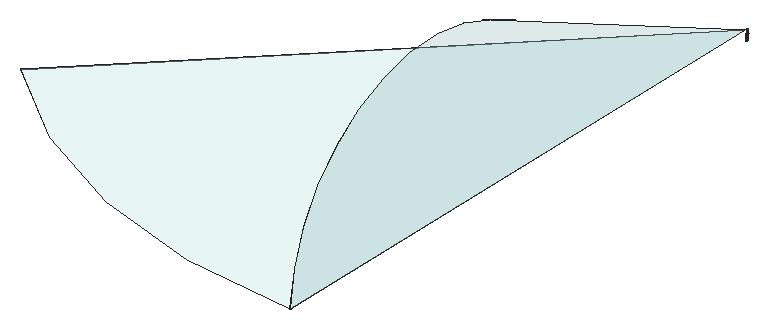
Revit family "Rotor 5000 Series - 5004+PCSAMRNP", category Acessórios do tubo, Revit 2020
Family settings
  Cota do conector redondo = Utilizar diâmetro
  Tipo de parte = Normal
  Número OmniClass = 23.60.30.11.14
  Título OmniClass = Pipework Fittings
  Com base no plano de trabalho = Não
  Sempre na vertical = Sim
  Corte com vazios quando carregada = Não
  Compartilhado = Não
Parameters (values of type "Rain Curtain 6.0")
  Water = Water
  URL = "https://www.rainbird.com/"
  TABLE 65 = "TABLE 65psi"
  TABLE 55 75 = "TABLE 55 75psi"
  TABLE 55 = "TABLE 55psi"
  TABLE 45 = "TABLE 45psi"
  TABLE 35 = "TABLE 35psi"
  TABLE 25 = "TABLE 25psi"
  SupportProjetos: Reviw Date = ""  # constant formula
  SupportProjetos: Reviw = "R00"  # constant formula
  SupportProjetos: Level of Detail = "LOD 300"  # constant formula
  SupportProjetos: Developed = "MICHEL SOARES MOTA"  # constant formula
  SupportProjetos: Creation Date = "07/08/2020"  # constant formula
  Side inlet = no
  Rotation Water Visibility [instance] = Pop up on  # yes
  Rotation Angle [instance] = 45.00°
  RainBird: Product Link = "https://www.rainbird.com/"
  RainBird: Description = "5004+PC-SAM-R-NP Rotor "  # constant formula
  RainBird: Comment [instance] = ""
  RainBird: Code = "Y65670NP"  # constant formula
  Radius [instance] = if(and(Pressure = 25.0 psi, Instance < 25 ft), size_lookup(TABLE 25, "Radius", 0 ft, Instance), if(and(Pressure = 35.0 psi, Instance < 25 ft), size_lookup(TABLE 35, "Radius", 0 ft, Instance), if(and(Pressure = 45.0 psi, Instance < 25 ft), size_lookup(TABLE 45, "Radius", 0 ft, Instance), if(and(Pressure = 55.0 psi, Instance < 13 ft), size_lookup(TABLE 55, "Radius", 0 ft, Instance), if(and(Pressure = 65.0 psi, Instance < 13 ft), size_lookup(TABLE 65, "Radius", 0 ft, Instance), if(and(Pressure > 55.0 psi, Instance > 13 ft), size_lookup(TABLE 55 75, "Radius", 0 ft, Instance), 0 ft))))))  # 50 ft
  RT = 0.009893 ft
  RN = 0.032808 ft
  R5 = 0.03937 ft
  R4 = 0.04101 ft
  R3 = 0.065617 ft
  R2 = 0.075407 ft
  R1 = 0.032808 ft
  Pressure [instance] = 55.0 psi
  Pop up height = 0.334646 ft
  Pop up on [instance] = yes
  Modelo = "5004+PCSAMRNP"  # constant formula
  Instance = 7 ft
  H1 = Body height / 3  # 0.194663 ft
  Flow [instance] = if(and(Pressure = 25.0 psi, Instance < 25 ft), size_lookup(TABLE 25, "Flow", 0.0 GPM, Instance), if(and(Pressure = 35.0 psi, Instance < 25 ft), size_lookup(TABLE 35, "Flow", 0.0 GPM, Instance), if(and(Pressure = 45.0 psi, Instance < 25 ft), size_lookup(TABLE 45, "Flow", 0.0 GPM, Instance), if(and(Pressure = 55.0 psi, Instance < 13 ft), size_lookup(TABLE 55, "Flow", 0.0 GPM, Instance), if(and(Pressure = 65.0 psi, Instance < 13 ft), size_lookup(TABLE 65, "Flow", 0.0 GPM, Instance), if(and(Pressure > 55.0 psi, Instance > 13 ft), size_lookup(TABLE 55 75, "Flow", 0.0 GPM, Instance), 0.0 GPM))))))  # 6.63 GPM
  Fabricante = "Rain Bird"
  Elevação padrão = 0 ft
  Description = RainBird: Description  # "5004+PC-SAM-R-NP Rotor "
  DD13 = 0.002625 ft
  DD12 = 0.003937 ft
  DD11 = 0.009897 ft
  DD10 = 0.016404 ft
  DD8 [instance] = if(Pop up on, Pop up height, 0 ft)  # 0.334646 ft
  DD7 = 0.019685 ft
  DD6 [instance] = 0.016404 ft
  DD5 = 0.065617 ft
  DD4 = 0.032808 ft
  DD3 = 0.091048 ft
  DD2 [instance] = 0.024514 ft
  DD9 [instance] = if(Pop up on, Pop up height + 0.049541 ft, 0 ft)  # 0.384186 ft
  DD1 = 0.006562 ft
  Conection = 0.062664 ft  # constant formula
  Body height = 0.58399 ft
  Blue = Blue Plastic
  Black Plastic = Black Plastic
  Angle = 25.00°
Types (25, lengths in ft): name | Rotation Angle | Radius | Pressure | Instance | Flow
  (no name) | 45.00° | 50 | 55.0 psi | 7 | 6.63 GPM
  Rain Curtain 1.5 | 180.00° | 33 | 25.0 psi | 1 | 1.12 GPM
  Rain Curtain 2.0 | 180.00° | 35 | 25.0 psi | 2 | 1.5 GPM
  Rain Curtain 3.0 | 180.00° | 36 | 25.0 psi | 4 | 2.26 GPM
  Rain Curtain 4.0 | 180.00° | 36 | 25.0 psi | 5 | 2.91 GPM
  Rain Curtain 5.0 | 180.00° | 37 | 25.0 psi | 6 | 3.72 GPM
  Rain Curtain 6.0 | 45.00° | 50 | 55.0 psi | 7 | 6.63 GPM
  Rain Curtain 8.0 | 180.00° | 33 | 25.0 psi | 8 | 5.9 GPM
  Rain Curtain 2.5 | 180.00° | 35 | 25.0 psi | 3 | 1.81 GPM
  1.0 LA | 180.00° | 25 | 25.0 psi | 9 | 0.76 GPM
  1.5 LA | 180.00° | 27 | 25.0 psi | 10 | 1.15 GPM
  2.0 LA | 180.00° | 29 | 25.0 psi | 11 | 1.47 GPM
  3.0 LA | 180.00° | 29 | 25.0 psi | 12 | 2.23 GPM
  PRS Rain Curtain 1.5 | 180.00° | 33 | 25.0 psi | 13 | 1.12 GPM
  PRS Rain Curtain 2.0 | 180.00° | 35 | 25.0 psi | 14 | 1.5 GPM
  PRS Rain Curtain 2.5 | 180.00° | 35 | 25.0 psi | 15 | 1.81 GPM
  PRS Rain Curtain 3.0 | 180.00° | 36 | 25.0 psi | 16 | 2.26 GPM
  PRS Rain Curtain 4.0 | 180.00° | 36 | 25.0 psi | 17 | 2.91 GPM
  PRS Rain Curtain 5.0 | 180.00° | 37 | 25.0 psi | 18 | 3.72 GPM
  PRS Rain Curtain 6.0 | 180.00° | 37 | 25.0 psi | 19 | 4.25 GPM
  PRS Rain Curtain 8.0 | 180.00° | 33 | 25.0 psi | 20 | 5.9 GPM
  PRS 1.0 LA | 180.00° | 25 | 25.0 psi | 21 | 0.76 GPM
  PRS 1.5 LA | 180.00° | 27 | 25.0 psi | 22 | 1.15 GPM
  PRS 2.0 LA | 180.00° | 29 | 25.0 psi | 23 | 1.47 GPM
  PRS 3.0 LA | 180.00° | 29 | 25.0 psi | 24 | 2.23 GPM
Reference planes (ft)
  plane 1 "Centro (Frente/Trás)": y = 0
  plane 2: z = 0
  plane 3 "Centro (Esquerda/Direita)": x = 0
  plane 4: z = 0.003937
  plane 5: z = 0.002625
  plane 6: y = -0.065617
Forms (ft)
  Revolve 1, solid, material "Black Plastic" <- "Black Plastic"
    sketch origin (0, 0, 0) x (1, 0, 0) y (0, 0, 1)
      loop
        line (0.075407, -0.091048) -> (0.075407, -0.035324)
        arc (0.075407, -0.035324) -> (0.072509, -0.028329) -> (0.065514, -0.025431) r 0.009893
        line (0.065514, -0.025431) -> (0.046098, -0.025431) -> (0.046098, 0) -> (0.03937, 0) -> (0.03937, -0.334646) -> (0.019685, -0.334646) -> (0.019685, -0.577428) -> (0.032808, -0.577428) -> (0.032808, -0.58399) -> (0.04101, -0.58399) -> (0.04101, -0.577428) -> (0.055724, -0.577428)
        arc (0.055724, -0.577428) -> (0.062719, -0.57453) -> (0.065617, -0.567535) r 0.009893
        line (0.065617, -0.567535) -> (0.065617, -0.091048) -> (0.075407, -0.091048)
      axis (0, -0.58399) -> (0, 0)
    angle from 0 to 360
  Extrusion 2, solid, material "Black Plastic" <- "Black Plastic"
    sketch origin (0, 0, 0) x (1, 0, 0) y (0, 1, 0)
      loop
        circle (0, 0) r 0.032808
    from -0.334646 to 0.334646
  Extrusion 3, void
    sketch origin (0, 0, 0) x (1, 0, 0) y (0, 1, 0)
      loop
        circle (0, 0) r 0.022844
    from -0.334646 to 0.334646
  Revolve 4, solid, material "Black Plastic" <- "Black Plastic"
    sketch origin (0, 0, 0) x (1, 0, 0) y (0, 0, 1)
      loop
        line (0, 0.334646) -> (0.037004, 0.334646) -> (0.037004, 0.344543)
        arc (0.037004, 0.344543) -> (0.01879, 0.349436) -> (0, 0.35105) r 0.10685
        line (0, 0.35105) -> (0, 0.334646)
      axis (0, 0.334646) -> (0, 0.35105)
    angle from 0 to 360
  Extrusion 5, solid, material "Blue Plastic" <- "Blue"
    sketch origin (0, 0, 0) x (1, 0, 0) y (0, 0, 1)
      loop
        circle (0, 0.310131) r 0.009129
      loop
        circle (0, 0.310131) r 0.004793
    from 0 to 0.034386
  Extrusion 6, void
    sketch origin (0, 0, 0) x (1, 0, 0) y (0, 0, 1)
      loop
        line (-0.02074, 0.328055) -> (-0.02074, 0.282426) -> (0.020672, 0.282426) -> (0.020672, 0.328055) -> (-0.02074, 0.328055)
      loop
        line (-0.018439, 0.325179) -> (-0.018439, 0.285685) -> (0.018179, 0.285685) -> (0.018179, 0.325179) -> (-0.018439, 0.325179)
    from 0.024556 to 0.06931
  Extrusion 7, solid, material "Black Plastic" <- "Black Plastic"
    sketch origin (0, 0, 0) x (1, 0, 0) y (0, 0, 1)
      loop
        line (0.046098, 0) -> (0.046098, -0.036876) -> (0.073493, -0.036876) -> (0.046098, 0)
    from -0.002998 to 0.002998
  Extrusion 8, solid, material "Black Plastic" <- "Black Plastic"
    sketch origin (0, 0, 0) x (-1, 0, 0) y (0, 0, -1)
      loop
        line (0.046098, 0) -> (0.073493, 0.036876) -> (0.046098, 0.036876) -> (0.046098, 0)
    from -0.002998 to 0.002998
  Extrusion 9, solid, material "Black Plastic" <- "Black Plastic"
    sketch origin (0, 0, 0) x (0.866025, 0.5, 0) y (0, 0, 1)
      loop
        line (0.046098, 0) -> (0.046098, -0.036876) -> (0.073493, -0.036876) -> (0.046098, 0)
    from -0.002998 to 0.002998
  Extrusion 10, solid, material "Black Plastic" <- "Black Plastic"
    sketch origin (0, 0, 0) x (-0.866025, -0.5, 0) y (0, 0, -1)
      loop
        line (0.046098, 0) -> (0.073493, 0.036876) -> (0.046098, 0.036876) -> (0.046098, 0)
    from -0.002998 to 0.002998
  Extrusion 11, solid, material "Black Plastic" <- "Black Plastic"
    sketch origin (0, 0, 0) x (0, 1, 0) y (0, 0, 1)
      loop
        line (0.046098, 0) -> (0.046098, -0.036876) -> (0.073493, -0.036876) -> (0.046098, 0)
    from -0.002998 to 0.002998
  Extrusion 12, solid, material "Black Plastic" <- "Black Plastic"
    sketch origin (0, 0, 0) x (0, -1, 0) y (0, 0, -1)
      loop
        line (0.046098, 0) -> (0.073493, 0.036876) -> (0.046098, 0.036876) -> (0.046098, 0)
    from -0.002998 to 0.002998
  Extrusion 13, solid, material "Black Plastic" <- "Black Plastic"
    sketch origin (0, 0, 0) x (0.5, 0.866025, 0) y (0, 0, 1)
      loop
        line (0.046098, 0) -> (0.046098, -0.036876) -> (0.073493, -0.036876) -> (0.046098, 0)
    from -0.002998 to 0.002998
  Extrusion 14, solid, material "Black Plastic" <- "Black Plastic"
    sketch origin (0, 0, 0) x (-0.5, -0.866025, 0) y (0, 0, -1)
      loop
        line (0.046098, 0) -> (0.073493, 0.036876) -> (0.046098, 0.036876) -> (0.046098, 0)
    from -0.002998 to 0.002998
  Extrusion 15, solid, material "Black Plastic" <- "Black Plastic"
    sketch origin (0, 0, 0) x (-0.5, 0.866025, 0) y (0, 0, 1)
      loop
        line (0.046098, 0) -> (0.046098, -0.036876) -> (0.073493, -0.036876) -> (0.046098, 0)
    from -0.002998 to 0.002998
  Extrusion 16, solid, material "Black Plastic" <- "Black Plastic"
    sketch origin (0, 0, 0) x (0.5, -0.866025, 0) y (0, 0, -1)
      loop
        line (0.046098, 0) -> (0.073493, 0.036876) -> (0.046098, 0.036876) -> (0.046098, 0)
    from -0.002998 to 0.002998
  Extrusion 17, solid, material "Black Plastic" <- "Black Plastic"
    sketch origin (0, 0, 0) x (-0.866025, 0.5, 0) y (0, 0, 1)
      loop
        line (0.046098, 0) -> (0.046098, -0.036876) -> (0.073493, -0.036876) -> (0.046098, 0)
    from -0.002998 to 0.002998
  Extrusion 18, solid, material "Black Plastic" <- "Black Plastic"
    sketch origin (0, 0, 0) x (0.866025, -0.5, 0) y (0, 0, -1)
      loop
        line (0.046098, 0) -> (0.073493, 0.036876) -> (0.046098, 0.036876) -> (0.046098, 0)
    from -0.002998 to 0.002998
  Extrusion 19, void
    sketch origin (0, 0, 0) x (1, 0, 0) y (0, 1, 0)
      loop
        line (-0.002998, 0.077702) -> (-0.002998, 0.071655) -> (0.002998, 0.071655) -> (0.002998, 0.077702) -> (-0.002998, 0.077702)
    from -0.091048 to 0.82021
  Extrusion 20, void
    sketch origin (0, 0, 0) x (1, 0, 0) y (0, 1, 0)
      loop
        line (0.002998, -0.077702) -> (0.002998, -0.071655) -> (-0.002998, -0.071655) -> (-0.002998, -0.077702) -> (0.002998, -0.077702)
    from -0.091048 to 0.82021
  Extrusion 21, void
    sketch origin (0, 0, 0) x (0.965926, 0.258819, 0) y (-0.258819, 0.965926, 0)
      loop
        line (-0.002998, 0.077702) -> (-0.002998, 0.071655) -> (0.002998, 0.071655) -> (0.002998, 0.077702) -> (-0.002998, 0.077702)
    from -0.091048 to 0.82021
  Extrusion 22, void
    sketch origin (0, 0, 0) x (0.965926, 0.258819, 0) y (-0.258819, 0.965926, 0)
      loop
        line (0.002998, -0.077702) -> (0.002998, -0.071655) -> (-0.002998, -0.071655) -> (-0.002998, -0.077702) -> (0.002998, -0.077702)
    from -0.091048 to 0.82021
  Extrusion 23, void
    sketch origin (0, 0, 0) x (0.866025, 0.5, 0) y (-0.5, 0.866025, 0)
      loop
        line (-0.002998, 0.077702) -> (-0.002998, 0.071655) -> (0.002998, 0.071655) -> (0.002998, 0.077702) -> (-0.002998, 0.077702)
    from -0.091048 to 0.82021
  Extrusion 24, void
    sketch origin (0, 0, 0) x (0.866025, 0.5, 0) y (-0.5, 0.866025, 0)
      loop
        line (0.002998, -0.077702) -> (0.002998, -0.071655) -> (-0.002998, -0.071655) -> (-0.002998, -0.077702) -> (0.002998, -0.077702)
    from -0.091048 to 0.82021
  Extrusion 25, void
    sketch origin (0, 0, 0) x (0.5, 0.866025, 0) y (-0.866025, 0.5, 0)
      loop
        line (-0.002998, 0.077702) -> (-0.002998, 0.071655) -> (0.002998, 0.071655) -> (0.002998, 0.077702) -> (-0.002998, 0.077702)
    from -0.091048 to 0.82021
  Extrusion 26, void
    sketch origin (0, 0, 0) x (0.5, 0.866025, 0) y (-0.866025, 0.5, 0)
      loop
        line (0.002998, -0.077702) -> (0.002998, -0.071655) -> (-0.002998, -0.071655) -> (-0.002998, -0.077702) -> (0.002998, -0.077702)
    from -0.091048 to 0.82021
  Extrusion 27, void
    sketch origin (0, 0, 0) x (0.707107, 0.707107, 0) y (-0.707107, 0.707107, 0)
      loop
        line (-0.002998, 0.077702) -> (-0.002998, 0.071655) -> (0.002998, 0.071655) -> (0.002998, 0.077702) -> (-0.002998, 0.077702)
    from -0.091048 to 0.82021
  Extrusion 28, void
    sketch origin (0, 0, 0) x (0.707107, 0.707107, 0) y (-0.707107, 0.707107, 0)
      loop
        line (0.002998, -0.077702) -> (0.002998, -0.071655) -> (-0.002998, -0.071655) -> (-0.002998, -0.077702) -> (0.002998, -0.077702)
    from -0.091048 to 0.82021
  Extrusion 29, void
    sketch origin (0, 0, 0) x (0.258819, 0.965926, 0) y (-0.965926, 0.258819, 0)
      loop
        line (-0.002998, 0.077702) -> (-0.002998, 0.071655) -> (0.002998, 0.071655) -> (0.002998, 0.077702) -> (-0.002998, 0.077702)
    from -0.091048 to 0.82021
  Extrusion 30, void
    sketch origin (0, 0, 0) x (0.258819, 0.965926, 0) y (-0.965926, 0.258819, 0)
      loop
        line (0.002998, -0.077702) -> (0.002998, -0.071655) -> (-0.002998, -0.071655) -> (-0.002998, -0.077702) -> (0.002998, -0.077702)
    from -0.091048 to 0.82021
  Extrusion 31, void
    sketch origin (0, 0, 0) x (0, 1, 0) y (-1, 0, 0)
      loop
        line (-0.002998, 0.077702) -> (-0.002998, 0.071655) -> (0.002998, 0.071655) -> (0.002998, 0.077702) -> (-0.002998, 0.077702)
    from -0.091048 to 0.82021
  Extrusion 32, void
    sketch origin (0, 0, 0) x (0, 1, 0) y (-1, 0, 0)
      loop
        line (0.002998, -0.077702) -> (0.002998, -0.071655) -> (-0.002998, -0.071655) -> (-0.002998, -0.077702) -> (0.002998, -0.077702)
    from -0.091048 to 0.82021
  Extrusion 33, void
    sketch origin (0, 0, 0) x (-0.258819, 0.965926, 0) y (-0.965926, -0.258819, 0)
      loop
        line (-0.002998, 0.077702) -> (-0.002998, 0.071655) -> (0.002998, 0.071655) -> (0.002998, 0.077702) -> (-0.002998, 0.077702)
    from -0.091048 to 0.82021
  Extrusion 34, void
    sketch origin (0, 0, 0) x (-0.258819, 0.965926, 0) y (-0.965926, -0.258819, 0)
      loop
        line (0.002998, -0.077702) -> (0.002998, -0.071655) -> (-0.002998, -0.071655) -> (-0.002998, -0.077702) -> (0.002998, -0.077702)
    from -0.091048 to 0.82021
  Extrusion 35, void
    sketch origin (0, 0, 0) x (-0.5, 0.866025, 0) y (-0.866025, -0.5, 0)
      loop
        line (-0.002998, 0.077702) -> (-0.002998, 0.071655) -> (0.002998, 0.071655) -> (0.002998, 0.077702) -> (-0.002998, 0.077702)
    from -0.091048 to 0.82021
  Extrusion 36, void
    sketch origin (0, 0, 0) x (-0.5, 0.866025, 0) y (-0.866025, -0.5, 0)
      loop
        line (0.002998, -0.077702) -> (0.002998, -0.071655) -> (-0.002998, -0.071655) -> (-0.002998, -0.077702) -> (0.002998, -0.077702)
    from -0.091048 to 0.82021
  Extrusion 37, void
    sketch origin (0, 0, 0) x (-0.707107, 0.707107, 0) y (-0.707107, -0.707107, 0)
      loop
        line (-0.002998, 0.077702) -> (-0.002998, 0.071655) -> (0.002998, 0.071655) -> (0.002998, 0.077702) -> (-0.002998, 0.077702)
    from -0.091048 to 0.82021
  Extrusion 38, void
    sketch origin (0, 0, 0) x (-0.707107, 0.707107, 0) y (-0.707107, -0.707107, 0)
      loop
        line (0.002998, -0.077702) -> (0.002998, -0.071655) -> (-0.002998, -0.071655) -> (-0.002998, -0.077702) -> (0.002998, -0.077702)
    from -0.091048 to 0.82021
  Extrusion 39, void
    sketch origin (0, 0, 0) x (-0.866025, 0.5, 0) y (-0.5, -0.866025, 0)
      loop
        line (-0.002998, 0.077702) -> (-0.002998, 0.071655) -> (0.002998, 0.071655) -> (0.002998, 0.077702) -> (-0.002998, 0.077702)
    from -0.091048 to 0.82021
  Extrusion 40, void
    sketch origin (0, 0, 0) x (-0.866025, 0.5, 0) y (-0.5, -0.866025, 0)
      loop
        line (0.002998, -0.077702) -> (0.002998, -0.071655) -> (-0.002998, -0.071655) -> (-0.002998, -0.077702) -> (0.002998, -0.077702)
    from -0.091048 to 0.82021
  Extrusion 41, void
    sketch origin (0, 0, 0) x (-0.965926, 0.258819, 0) y (-0.258819, -0.965926, 0)
      loop
        line (-0.002998, 0.077702) -> (-0.002998, 0.071655) -> (0.002998, 0.071655) -> (0.002998, 0.077702) -> (-0.002998, 0.077702)
    from -0.091048 to 0.82021
  Extrusion 42, void
    sketch origin (0, 0, 0) x (-0.965926, 0.258819, 0) y (-0.258819, -0.965926, 0)
      loop
        line (0.002998, -0.077702) -> (0.002998, -0.071655) -> (-0.002998, -0.071655) -> (-0.002998, -0.077702) -> (0.002998, -0.077702)
    from -0.091048 to 0.82021
  Extrusion 43, solid, material "Water" <- "Water", visible <- "Rotation Water Visibility"
    sketch origin (0, 0, 0) x (0, 1, 0) y (0, 0, 1)
      loop
        line (-0.032808, 0.310131) -> (-28.112196, 13.403765)
        arc (-28.112196, 13.403765) -> (-42.542576, 12.666347) -> (-50.032808, 0.310131) r 15.426605
        line (-50.032808, 0.310131) -> (-0.032808, 0.310131)
    from -0.008202 to 0.008202
Cuts and joins
  Extrusion 3, Extrusion 6 cuts Extrusion 2
  Extrusion 19, Extrusion 20, Extrusion 21, Extrusion 22, Extrusion 23, Extrusion 24, Extrusion 25, Extrusion 26, Extrusion 27, Extrusion 28, Extrusion 29, Extrusion 30, Extrusion 31, Extrusion 32, Extrusion 33, Extrusion 34, Extrusion 35, Extrusion 36, Extrusion 37, Extrusion 38, Extrusion 39, Extrusion 40, Extrusion 41, Extrusion 42 cuts Revolve 1
Dimensions and locks (ft)
  "Body height": level to Revolve 1 sketch curve
  "R2": Revolve 1 sketch curve to plane 3 "Centro (Esquerda/Direita)"
  "DD1": Revolve 1 sketch curve to Revolve 1 sketch curve
  "DD3": level to Revolve 1 sketch curve
  Revolve 1 sketch curve to plane 3 "Centro (Esquerda/Direita)" = 0.065617 ft
  "R4": Revolve 1 sketch curve to plane 3 "Centro (Esquerda/Direita)"
  "RN": Revolve 1 sketch curve to plane 3 "Centro (Esquerda/Direita)"
  "Pop up height": level to Revolve 1 sketch curve
  "R5": plane 3 "Centro (Esquerda/Direita)" to Revolve 1 sketch curve
  "DD7": Revolve 1 sketch curve to plane 3 "Centro (Esquerda/Direita)"
  "DD8": Extrusion 2 to level
  "DD12": plane 4 to level
  "DD13": plane 5 to level
  "R3": plane 6 to plane 1 "Centro (Frente/Trás)"
  "DD5": Revolve 1 sketch curve to Revolve 1 sketch curve
  "DD10": Revolve 4 sketch curve to Revolve 4 sketch curve
  "DD11": Revolve 4 sketch curve to Revolve 4 sketch curve
  "DD2": Revolve 4 to Extrusion 5 sketch curve  (x2)
  Extrusion 7 to plane 3 "Centro (Esquerda/Direita)" = 0.046098 ft
  equal spacing: Extrusion 7, plane 1 "Centro (Frente/Trás)", Extrusion 7
  Extrusion 8 to Extrusion 8 = 0.005995 ft
  Extrusion 9 to Extrusion 9 = 0.005995 ft
  Extrusion 20 sketch curve to Extrusion 20 sketch curve = 0.005995 ft
  Extrusion 22 sketch curve to Extrusion 22 sketch curve = 0.005995 ft
  Extrusion 24 sketch curve to Extrusion 24 sketch curve = 0.005995 ft
  Extrusion 26 sketch curve to Extrusion 26 sketch curve = 0.005995 ft
  Extrusion 28 sketch curve to Extrusion 28 sketch curve = 0.005995 ft
  Extrusion 30 sketch curve to Extrusion 30 sketch curve = 0.005995 ft
  Extrusion 32 sketch curve to Extrusion 32 sketch curve = 0.005995 ft
  Extrusion 34 sketch curve to Extrusion 34 sketch curve = 0.005995 ft
  Extrusion 36 sketch curve to Extrusion 36 sketch curve = 0.005995 ft
  Extrusion 38 sketch curve to Extrusion 38 sketch curve = 0.005995 ft
  Extrusion 40 sketch curve to Extrusion 40 sketch curve = 0.005995 ft
  Extrusion 42 sketch curve to Extrusion 42 sketch curve = 0.005995 ft
  "DD4": plane 1 "Centro (Frente/Trás)" to Extrusion 43 sketch curve
  "DD2": Revolve 4 to Extrusion 43 sketch curve
  "Radius": Extrusion 43 sketch curve to Extrusion 43 sketch curve
  equal spacing: Extrusion 43, plane 3 "Centro (Esquerda/Direita)", Extrusion 43
  "DD6": Extrusion 43 to Extrusion 43
  "DD2": Revolve 4 to nested 1
  "RT": radius of Revolve 1 sketch curve  (x2)
  "R1": radius of Extrusion 2 sketch curve
  "Angle": angle Extrusion 43 sketch curve to Extrusion 43 sketch curve
  aligned and locked: level to plane 2
  aligned and locked: Revolve 1 sketch curve to Revolve 1 sketch curve
  aligned and locked: Extrusion 2 to Revolve 1
  aligned and locked: cut or joined group of Extrusion 2, Extrusion 3, Extrusion 6 to cut or joined group of Extrusion 2, Extrusion 3, Extrusion 6  (x2)
  aligned and locked: Revolve 4 sketch curve to cut or joined group of Extrusion 2, Extrusion 3, Extrusion 6
  aligned and locked: Extrusion 20 to Revolve 1
  aligned and locked: Extrusion 22 to Revolve 1
  aligned and locked: Extrusion 24 to Revolve 1
  aligned and locked: Extrusion 28 to Revolve 1
  aligned and locked: Extrusion 26 to Revolve 1
  aligned and locked: Extrusion 30 to Revolve 1
  aligned and locked: Extrusion 32 to Revolve 1
  aligned and locked: Extrusion 34 to Revolve 1
  aligned and locked: Revolve 1 to Extrusion 36
  aligned and locked: Revolve 1 to Extrusion 38
  aligned and locked: Extrusion 41 to Revolve 1
  aligned and locked: Extrusion 39 to Revolve 1
  aligned and locked: Extrusion 37 to Revolve 1
  aligned and locked: Extrusion 35 to Revolve 1
  aligned and locked: Extrusion 33 to Revolve 1
  aligned and locked: Extrusion 31 to Revolve 1
  aligned and locked: Extrusion 29 to Revolve 1
  aligned and locked: Revolve 1 to Extrusion 25
  aligned and locked: Revolve 1 to Extrusion 27
  aligned and locked: Revolve 1 to Extrusion 19
  aligned and locked: Revolve 1 to Extrusion 21
  aligned and locked: Revolve 1 to Extrusion 42
  aligned and locked: Revolve 1 to Extrusion 40
  aligned and locked: Revolve 1 to Extrusion 23
Automatic sketch dimensions
  plane 1 "Centro (Frente/Trás)" to Extrusion 2 sketch curve = 0 ft
  Extrusion 2 sketch curve to plane 3 "Centro (Esquerda/Direita)" = 0 ft
  plane 1 "Centro (Frente/Trás)" to Extrusion 3 sketch curve = 0 ft
  Extrusion 3 sketch curve to plane 3 "Centro (Esquerda/Direita)" = 0 ft
  Revolve 4 sketch curve to plane 3 "Centro (Esquerda/Direita)" = 0 ft  (x2)
  plane 3 "Centro (Esquerda/Direita)" to Revolve 4 sketch curve = 0.000284 ft
  plane 3 "Centro (Esquerda/Direita)" to Revolve 4 sketch curve = 0.037004 ft
  Revolve 4 sketch curve to Revolve 4 sketch curve = 0.015719 ft
  Revolve 4 sketch curve to Revolve 4 sketch curve = 0.114829 ft
  Extrusion 5 sketch curve to Extrusion 5 sketch curve = 0 ft
  Extrusion 5 sketch curve to plane 3 "Centro (Esquerda/Direita)" = 0 ft
  Extrusion 6 sketch curve to plane 3 "Centro (Esquerda/Direita)" = 0.02074 ft
  Extrusion 6 sketch curve to Extrusion 6 sketch curve = 0.002301 ft
  plane 3 "Centro (Esquerda/Direita)" to Extrusion 6 sketch curve = 0.018179 ft
  Extrusion 6 sketch curve to Extrusion 6 sketch curve = 0.002492 ft
  plane 4 to Extrusion 6 sketch curve = 0.278489 ft
  Extrusion 6 sketch curve to Extrusion 6 sketch curve = 0.003259 ft
  Extrusion 6 sketch curve to Extrusion 6 sketch curve = 0.039494 ft
  Extrusion 6 sketch curve to Extrusion 6 sketch curve = 0.002876 ft
  Extrusion 7 sketch curve to level = 0 ft
  plane 3 "Centro (Esquerda/Direita)" to Extrusion 7 sketch curve = 0.046098 ft
  Extrusion 7 sketch curve to Extrusion 7 sketch curve = 0.027396 ft
  Extrusion 7 sketch curve to Extrusion 7 sketch curve = 0.036876 ft
  Extrusion 8 sketch curve to level = 0 ft
  plane 3 "Centro (Esquerda/Direita)" to Extrusion 8 sketch curve = 0.046098 ft
  Extrusion 8 sketch curve to Extrusion 8 sketch curve = 0.027396 ft
  Extrusion 8 sketch curve to Extrusion 8 sketch curve = 0.036876 ft
  Extrusion 9 sketch curve to level = 0 ft
  Extrusion 9 sketch curve to level = 0.036876 ft
  Extrusion 9 sketch curve to Extrusion 9 sketch curve = 0.027396 ft
  Extrusion 10 sketch curve to level = 0 ft
  Extrusion 10 sketch curve to level = 0.036876 ft
  Extrusion 10 sketch curve to Extrusion 10 sketch curve = 0.027396 ft
  Extrusion 11 sketch curve to level = 0 ft
  Extrusion 11 sketch curve to plane 1 "Centro (Frente/Trás)" = 0.046098 ft
  Extrusion 11 sketch curve to Extrusion 11 sketch curve = 0.027396 ft
  Extrusion 11 sketch curve to Extrusion 11 sketch curve = 0.036876 ft
  Extrusion 12 sketch curve to level = 0 ft
  plane 6 to Extrusion 12 sketch curve = 0.019519 ft
  Extrusion 12 sketch curve to plane 6 = 0.007877 ft
  Extrusion 12 sketch curve to level = 0.036876 ft
  Extrusion 13 sketch curve to level = 0 ft
  Extrusion 13 sketch curve to level = 0.036876 ft
  Extrusion 13 sketch curve to Extrusion 13 sketch curve = 0.027396 ft
  Extrusion 14 sketch curve to level = 0 ft
  Extrusion 14 sketch curve to level = 0.036876 ft
  Extrusion 14 sketch curve to Extrusion 14 sketch curve = 0.027396 ft
  level to Extrusion 15 sketch curve = 0 ft
  Extrusion 15 sketch curve to level = 0.036876 ft
  Extrusion 15 sketch curve to Extrusion 15 sketch curve = 0.027396 ft
  level to Extrusion 16 sketch curve = 0 ft
  Extrusion 16 sketch curve to level = 0.036876 ft
  Extrusion 16 sketch curve to Extrusion 16 sketch curve = 0.027396 ft
  level to Extrusion 17 sketch curve = 0 ft
  Extrusion 17 sketch curve to level = 0.036876 ft
  Extrusion 17 sketch curve to Extrusion 17 sketch curve = 0.027396 ft
  level to Extrusion 18 sketch curve = 0 ft
  Extrusion 18 sketch curve to level = 0.036876 ft
  Extrusion 18 sketch curve to Extrusion 18 sketch curve = 0.027396 ft
  Extrusion 19 sketch curve to plane 3 "Centro (Esquerda/Direita)" = 0.002998 ft
  Extrusion 19 sketch curve to plane 1 "Centro (Frente/Trás)" = 0.071655 ft
  Extrusion 19 sketch curve to Extrusion 19 sketch curve = 0.006047 ft
  plane 3 "Centro (Esquerda/Direita)" to Extrusion 20 sketch curve = 0.002998 ft
  plane 6 to Extrusion 20 sketch curve = 0.006038 ft
  Extrusion 20 sketch curve to Extrusion 20 sketch curve = 0.006047 ft
  plane 3 "Centro (Esquerda/Direita)" to Extrusion 19 sketch curve = 0.002998 ft
  Extrusion 21 sketch curve to plane 3 "Centro (Esquerda/Direita)" = 0.021441 ft
  Extrusion 21 sketch curve to plane 1 "Centro (Frente/Trás)" = 0.068438 ft
  Extrusion 21 sketch curve to Extrusion 21 sketch curve = 0.005995 ft
  Extrusion 21 sketch curve to Extrusion 21 sketch curve = 0.006047 ft
  Extrusion 22 sketch curve to plane 6 = 0.010213 ft
  plane 3 "Centro (Esquerda/Direita)" to Extrusion 22 sketch curve = 0.017215 ft
  Extrusion 22 sketch curve to Extrusion 22 sketch curve = 0.006047 ft
  Extrusion 23 sketch curve to plane 3 "Centro (Esquerda/Direita)" = 0.038424 ft
  Extrusion 23 sketch curve to plane 1 "Centro (Frente/Trás)" = 0.060556 ft
  Extrusion 23 sketch curve to Extrusion 23 sketch curve = 0.005995 ft
  Extrusion 23 sketch curve to Extrusion 23 sketch curve = 0.006047 ft
  Extrusion 24 sketch curve to plane 6 = 0.003174 ft
  plane 3 "Centro (Esquerda/Direita)" to Extrusion 24 sketch curve = 0.036255 ft
  Extrusion 24 sketch curve to Extrusion 24 sketch curve = 0.006047 ft
  Extrusion 25 sketch curve to plane 1 "Centro (Frente/Trás)" = 0.033231 ft
  Extrusion 25 sketch curve to plane 3 "Centro (Esquerda/Direita)" = 0.063554 ft
  Extrusion 25 sketch curve to Extrusion 25 sketch curve = 0.005995 ft
  Extrusion 25 sketch curve to Extrusion 25 sketch curve = 0.006047 ft
  Extrusion 26 sketch curve to plane 6 = 0.02417 ft
  Extrusion 26 sketch curve to plane 3 "Centro (Esquerda/Direita)" = 0.065793 ft
  Extrusion 26 sketch curve to Extrusion 26 sketch curve = 0.006047 ft
  Extrusion 27 sketch curve to plane 1 "Centro (Frente/Trás)" = 0.048548 ft
  Extrusion 27 sketch curve to plane 3 "Centro (Esquerda/Direita)" = 0.052787 ft
  Extrusion 27 sketch curve to Extrusion 27 sketch curve = 0.005995 ft
  Extrusion 27 sketch curve to Extrusion 27 sketch curve = 0.006047 ft
  plane 6 to Extrusion 28 sketch curve = 0.008554 ft
  plane 3 "Centro (Esquerda/Direita)" to Extrusion 28 sketch curve = 0.052824 ft
  Extrusion 28 sketch curve to Extrusion 28 sketch curve = 0.006047 ft
  Extrusion 29 sketch curve to plane 1 "Centro (Frente/Trás)" = 0.01565 ft
  Extrusion 29 sketch curve to plane 3 "Centro (Esquerda/Direita)" = 0.069989 ft
  Extrusion 29 sketch curve to Extrusion 29 sketch curve = 0.005995 ft
  Extrusion 29 sketch curve to Extrusion 29 sketch curve = 0.006047 ft
  plane 1 "Centro (Frente/Trás)" to Extrusion 30 sketch curve = 0.023006 ft
  plane 3 "Centro (Esquerda/Direita)" to Extrusion 30 sketch curve = 0.074278 ft
  Extrusion 30 sketch curve to Extrusion 30 sketch curve = 0.006047 ft
  plane 1 "Centro (Frente/Trás)" to Extrusion 31 sketch curve = 0.002998 ft
  Extrusion 31 sketch curve to plane 1 "Centro (Frente/Trás)" = 0.002998 ft
  Extrusion 31 sketch curve to plane 3 "Centro (Esquerda/Direita)" = 0.071655 ft
  Extrusion 31 sketch curve to Extrusion 31 sketch curve = 0.006047 ft
  plane 1 "Centro (Frente/Trás)" to Extrusion 32 sketch curve = 0.002998 ft
  plane 3 "Centro (Esquerda/Direita)" to Extrusion 32 sketch curve = 0.077702 ft
  Extrusion 32 sketch curve to Extrusion 32 sketch curve = 0.006047 ft
  plane 1 "Centro (Frente/Trás)" to Extrusion 33 sketch curve = 0.021441 ft
  Extrusion 33 sketch curve to plane 3 "Centro (Esquerda/Direita)" = 0.068438 ft
  Extrusion 33 sketch curve to Extrusion 33 sketch curve = 0.005995 ft
  Extrusion 33 sketch curve to Extrusion 33 sketch curve = 0.006047 ft
  Extrusion 34 sketch curve to plane 1 "Centro (Frente/Trás)" = 0.017215 ft
  plane 3 "Centro (Esquerda/Direita)" to Extrusion 34 sketch curve = 0.07583 ft
  Extrusion 34 sketch curve to Extrusion 34 sketch curve = 0.006047 ft
  plane 6 to Extrusion 35 sketch curve = 0.027193 ft
  Extrusion 35 sketch curve to plane 3 "Centro (Esquerda/Direita)" = 0.060556 ft
  Extrusion 35 sketch curve to Extrusion 35 sketch curve = 0.005995 ft
  Extrusion 35 sketch curve to Extrusion 35 sketch curve = 0.006047 ft
  Extrusion 36 sketch curve to plane 1 "Centro (Frente/Trás)" = 0.036255 ft
  plane 3 "Centro (Esquerda/Direita)" to Extrusion 36 sketch curve = 0.068791 ft
  Extrusion 36 sketch curve to Extrusion 36 sketch curve = 0.006047 ft
  plane 6 to Extrusion 37 sketch curve = 0.012829 ft
  Extrusion 37 sketch curve to plane 3 "Centro (Esquerda/Direita)" = 0.048548 ft
  Extrusion 37 sketch curve to Extrusion 37 sketch curve = 0.005995 ft
  Extrusion 37 sketch curve to Extrusion 37 sketch curve = 0.006047 ft
  Extrusion 38 sketch curve to plane 1 "Centro (Frente/Trás)" = 0.052824 ft
  plane 3 "Centro (Esquerda/Direita)" to Extrusion 38 sketch curve = 0.057063 ft
  Extrusion 38 sketch curve to Extrusion 38 sketch curve = 0.006047 ft
  plane 6 to Extrusion 39 sketch curve = 0.002063 ft
  Extrusion 39 sketch curve to plane 3 "Centro (Esquerda/Direita)" = 0.033231 ft
  Extrusion 39 sketch curve to Extrusion 39 sketch curve = 0.005995 ft
  Extrusion 39 sketch curve to Extrusion 39 sketch curve = 0.006047 ft
  plane 3 "Centro (Esquerda/Direita)" to Extrusion 40 sketch curve = 0.041447 ft
  Extrusion 40 sketch curve to plane 1 "Centro (Frente/Trás)" = 0.065793 ft
  Extrusion 40 sketch curve to Extrusion 40 sketch curve = 0.006047 ft
  Extrusion 41 sketch curve to plane 6 = 0.004372 ft
  Extrusion 41 sketch curve to plane 3 "Centro (Esquerda/Direita)" = 0.01565 ft
  Extrusion 41 sketch curve to Extrusion 41 sketch curve = 0.005995 ft
  Extrusion 41 sketch curve to Extrusion 41 sketch curve = 0.006047 ft
  plane 3 "Centro (Esquerda/Direita)" to Extrusion 42 sketch curve = 0.023006 ft
  Extrusion 42 sketch curve to plane 1 "Centro (Frente/Trás)" = 0.074278 ft
  Extrusion 42 sketch curve to Extrusion 42 sketch curve = 0.006047 ft
  Revolve 1 sketch curve to plane 3 "Centro (Esquerda/Direita)" = 0 ft
  Revolve 1 sketch curve to level = 0 ft
  Revolve 1 sketch curve to Revolve 1 sketch curve = 0.019416 ft
  plane 4 to Revolve 1 sketch curve = 0.079347 ft
  Revolve 1 sketch curve to Revolve 1 sketch curve = 0.918635 ft
  Extrusion 43 sketch curve to level = 0.577487 ft
  radius of Extrusion 3 sketch curve = 0.022844 ft
  radius of Extrusion 5 sketch curve = 0.009129 ft
  radius of Extrusion 5 sketch curve = 0.004793 ft
Nested families (ft)
  nested 1: "Water" at (-0.000068, 0, 0.190873) x (0, -1, 0) z (0, 0, 1), DT9 <- "DD4", Radius <- "Radius", visible <- "Rotation Water Visibility", Rotation Angle <- "Rotation Angle", type "Water"
    with Rotation Angle 45.00°, Radius 50 ft, DT9 0.032808 ft, DT8 0 ft, DT7 200 ft, DT4 250 ft, Angle 2 315.00°
Connectors (ft)
  piping at (0, 0, -0.58399), diameter 2
    settings: on cut or joined group of Revolve 1, Extrusion 19, Extrusion 20, Extrusion 21, Extrusion 22, Extrusion 23, Extrusion 24, Extrusion 25, Extrusion 26, Extrusion 27, Extrusion 28, Extrusion 29, Extrusion 30, Extrusion 31, Extrusion 32, Extrusion 33, Extrusion 34, Extrusion 35, Extrusion 36, Extrusion 37, Extrusion 38, Extrusion 39, Extrusion 40, Extrusion 41, Extrusion 42, index 1, connector inside diameter 609.6 mm, connector length 0 ft, flow factor 0, pipe flow 0.0 GPM, pressure drop 0.0 psi, fitting loss kfactor 0, connector angle 0.00°, fixture units 0, engagement length 0 ft, angle of deflection 0.00°, flow configuration 0, flow direction 0, fitting loss method 0, system type 28, joint type 0, gender type 0, connector reference index -1, connector utility 0, adjustable connector no, is connector primary yes, connector description ""
Definition of nested family "Water"
  Parameters (values of type "Water")
    Water Visibility (Circle) = yes
    Water = none
    URL = ""
    SupportProjetos: Reviw Date = ""  # constant formula
    SupportProjetos: Level of Detail = "LOD 300"  # constant formula
    SupportProjetos: Developed = "MICHEL SOARES MOTA"  # constant formula
    SupportProjetos: Creation Date = "16/07/2020"  # constant formula
    Rotation Angle [instance] = 90.00°
    Reviw = "R00"  # constant formula
    Radius [instance] = 14 ft
    Model = ""
    Default Elevation = 4 ft
    Description = ""
    DT9 [instance] = 0.032808 ft
    DT8 [instance] = if(Rotation Angle = 360.00°, 10 ft, 0 ft)  # 0 ft
    DT7 [instance] = 4 * Radius  # 56 ft
    DT4 [instance] = 5 * Radius  # 70 ft
    DT2 = 0.098425 ft  # constant formula
    DT6 = 0 ft
    Angle 2 [instance] = if(Rotation Angle = 360.00°, 180.00°, 360.00° - Rotation Angle)  # 270.00°
  Reference planes (ft)
    plane 1 "Centro (Frente/Trás)": y = 0
    plane 2: z = 0
    plane 3 "Centro (Esquerda/Direita)": x = 0
  Forms (ft)
    Revolve 1, solid, material <- "Water", visible <- "Water Visibility (Circle)"
      sketch origin (0, 0, 0) x (1, 0, 0) y (0, 0, 1)
        loop
          line (0.032808, 0.098425) -> (14.032808, 0.098425) -> (14.032808, 0.119259) -> (0.032808, 0.119259) -> (0.032808, 0.098425)
        axis (0, 0.098425) -> (0, 0.119259)
      angle from 0 to 360
    Extrusion 2, void
      sketch origin (0, 0, 0) x (1, 0, 0) y (0, 1, 0)
        loop
          line (0, 0) -> (70, 0) -> (70, 56)
          arc (70, 56) -> (-70.459018, 51.588344) -> (0, -70) r 81.847109
          line (0, -70) -> (0, 0)
      from 0 to 15.189231
  Cuts and joins
    Extrusion 2 cuts Revolve 1
  Dimensions and locks (ft)
    "DT2": Revolve 1 sketch curve to level
    "DT4": Extrusion 2 sketch curve to Extrusion 2 sketch curve  (x2)
    "DT6": Extrusion 2 sketch curve to plane 3 "Centro (Esquerda/Direita)"
    "DT7": Extrusion 2 sketch curve to Extrusion 2 sketch curve
    "DT8": cut or joined group of Revolve 1, Extrusion 2 to level
    "Radius": Revolve 1 sketch curve to Revolve 1 sketch curve
    "DT9": Revolve 1 sketch curve to plane 3 "Centro (Esquerda/Direita)"
    "Angle 2": angle Extrusion 2 sketch curve to Extrusion 2 sketch curve
    aligned and locked: level to plane 2
    aligned and locked: plane 1 "Centro (Frente/Trás)" to Extrusion 2 sketch curve
  Automatic sketch dimensions
    plane 3 "Centro (Esquerda/Direita)" to Extrusion 2 sketch curve = 1.088227 ft
    Revolve 1 sketch curve to plane 3 "Centro (Esquerda/Direita)" = 0 ft
    Revolve 1 sketch curve to Revolve 1 sketch curve = 0.020833 ft
    Revolve 1 sketch curve to Revolve 1 sketch curve = 0.032113 ft
    Revolve 1 sketch curve to Revolve 1 sketch curve = 10.2693 ft
